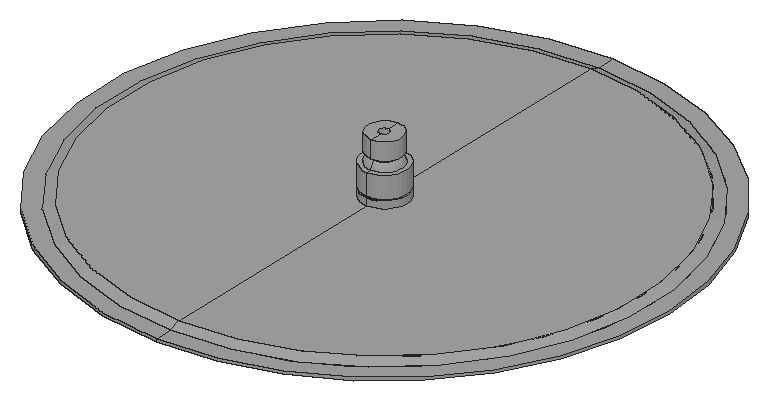
Revit family "BRG-GRF-DCH_ Briggs Reg. Red. Slim Inox Cr 40 cm", category Aparatos sanitarios, Revit 2020
Family settings
  Cota de conector redondo = Diámetro de uso
  Tipo de pieza = Normal
  Número OmniClass = 23.45.00.00
  Título OmniClass = Sanitary, Laundry, and Cleaning Equipment
  Se basa en plano de trabajo = No
  Siempre vertical = Sí
  Corte con vacíos al cargar = No
  Compartido = Sí
  Punto de cálculo de habitación = Sí
Parameters (values of type "REGADERA REDONDA SLIM 40 CM")
  _EDESA_ Sku/código = "SG0080033061CW"
  _EDESA_ Materiales = "Latón"
  _EDESA_ Garantía = "De por vida para el cuerpo principal y acabado en cromo (306)"
  _EDESA_ Cumple normativa ADA = ""
  _EDESA_ Contacto comercial = "(02) 395 2900"
  _EDESA_ Conexión hidráulica = "Entrada de agua: tubería ø 1/2\""
  _EDESA_ Certificación = "Cumple con norma NTE - INEN 3123 basada en la norma ASME 112.18.1 - 2012."
  _EDESA_ Productos necesarios para instalación = "Brazo de ducha"
  _EDESA_ Productos incluídos = ""
  _EDESA_ Color = "cromo"
  _EDESA_ Descripción = "Regadera de ducha"
  _EDESA_ Peso en kg = "1.8 kg"
  _EDESA_ Consumo/capacidad de agua en L = "9.5 litros por minuto / 2.5 gpm"
  _EDESA_ Distancia de instalación en cm (muro terminado) = "0"
  _EDESA_ Tipo de instalación = "Con brazo de ducha"
  _EDESA_ Profundidad en cm = "ø 40"
  _EDESA_ Categoría = "Productos > Grifería > Ducha"
  _EDESA_ BIM Manager = "Arq. Milton Ruano"
  _EDESA_ Autor BIM = "www.bimplus.com.ec (bimplus.arquitectura.integrada@gmail.com)"
  _EDESA_ Ancho en cm = ""
  _EDESA_ Alto en cm = "5.4"
  _EDESA_ Manual de Instalación = "https://www.briggs.com.ec/productos/instructivos/Briggs/Griferia/Regaderas_slim.pdf"
  _EDESA_ Nombre = "REGADERA REDONDA SLIM 40 CM"
  _ALT_Eje instalación = 0.60 m
  _ALT_Basamento = 0.85 m
  URL = "https://www.briggs.com.ec/productos/fichastecnicaspdf/Briggs/Griferia/Regadera_redonda_slim_40.pdf"
  Modelo = "REGADERA REDONDA SLIM 40 CM"
  Imagen de tipo = <Ninguno>
  Fabricante = "BRIGGS Ecuador"
  Elevación por defecto = 0.00 m
  Conexión de ventilación = yes
  Conexión de residuos = yes
  Conexión AF = yes
  Conexión AC = yes
Reference planes (m)
  plane 1 "Centro (Frontal/Posterior)": y = 0
  plane 2: z = 0
  plane 3 "Centro (Izquierda/Derecha)": x = 0
Dimensions and locks (m)
  aligned and locked: level to plane 2
  aligned and locked: plane 3 "Centro (Izquierda/Derecha)" to nested 1
  aligned and locked: plane 1 "Centro (Frontal/Posterior)" to nested 1
Nested families (m)
  nested 1: "REJILLA" at (0, 0, 0), type "REJILLA"
Connectors (m)
  piping at (0, 0, 0), diameter 0.0127
    settings: on nested 1, index 1, connector inside diameter 609.6 mm, connector length 0.00 m, flow factor 0, pipe flow 0.0 L/s, pressure drop 0.0 Pa, fitting loss kfactor 0, connector angle 0.00°, fixture units 0, engagement length 0.00 m, angle of deflection 0.00°, flow configuration 0, flow direction 1, fitting loss method 0, system type 7, joint type 0, gender type 0, connector reference index -1, connector utility 0, adjustable connector no, is connector primary yes, connector description ""
Definition of nested family "REJILLA"
  Parameters (values of type "REJILLA")
    _EDESA_tipo genérico = "Inodoro"
    _EDESA_URL de ficha técnica = "https://edesa.com.ec/productos/fichastecnicaspdf/Edesa/Sanitarios/Andes.pdf"
    _EDESA_Imagen = 0
    _EDESA_Fábrica nacional = "EDESA Ecuador"
    _EDESA_Código de producto = "JS0022641301CE"
    _EDESA_ Tolerancia dimensional = "± 3% > 20 cm ± 5% < 20 cm"
    _EDESA_ Tipo de montaje / instalación = "30.5 cm"
    _EDESA_ Superficie del agua = "15.5 cm x 18.8 cm"
    _EDESA_ SKU = "JS0022641301CE"
    _EDESA_ Material secundario = "Plástico blanco"
    _EDESA_ Material principal = "Porcelana tono verde mist"
    _EDESA_ Altura = 72.80 m
    _EDESA_ Peso = "23.20 Kg"
    _EDESA_ Nivel mínimo del agua del tanque = "17.5 cm"
    _EDESA_ Largo = 67.50 m
    _EDESA_ Espesor mínimo = "0.6 cm"
    _EDESA_ Diámetro trampa = "4.8 cm"
    _EDESA_ Color = "Blanco"
    _EDESA_ Categoria = "Two pieces"
    _EDESA_ Capacidad / consumo de agua = "4.8 litros"
    _EDESA_ Ancho = 36.50 m
    _EDESA_ Altura de sello = "N/A"
    _ALT_Toma = 0.60 m
    _ALT_Meson = 0.85 m
    URL = "https://edesa.com.ec/productos/fichastecnicaspdf/Edesa/Sanitarios/Andes.pdf"
    Model = "_Edesa_ INODORO ANDES C/A BLANCO"
    Type Image = element 408376
    Manufacturer = "EDESA Ecuador"
    Default Elevation = 0.00 m
    Vent Connection = no
    Waste Connection = no
    CW Connection = no
    HW Connection = no
  Reference planes (m)
    plane 1 "Centro (Frontal/Posterior)": y = 0
    plane 2: z = 0
    plane 3 "Centro (Izquierda/Derecha)": x = 0
    plane 4 "_Alt_Altura de Meson": z = 0.85
    plane 5 "Centro I/E": z = 0.946565
    plane 6 "_RP_Eje": z = 0.6
  Forms (m)
    Revolve 1, solid
      sketch origin (0, 0, 0) x (0, 1, 0) y (0, 0, 1)
        loop
          line (0, -0.0445) -> (0.2, -0.0445) -> (0.2, -0.0425) -> (0.188, -0.0425) -> (0.1805, -0.04) -> (0.0155, -0.04) -> (0.0155, -0.035) -> (0.014314, -0.035) -> (0.014314, -0.034) -> (0.0155, -0.034) -> (0.0155, -0.019) -> (0.012, -0.019)
          arc (0.012, -0.019) -> (0.010905, -0.016389) -> (0.00925, -0.014092) r 0.0125
          line (0.00925, -0.014092) -> (0.00925, -0.012) -> (0.01175, -0.012) -> (0.01175, 0) -> (0.0035, 0) -> (0.0035, -0.005) -> (0, -0.005) -> (0, -0.0445)
        axis (0, -0.0445) -> (0, 0)
      angle from 0 to 360
    SweptBlend 2, solid
      path origin (-0.034028, 0.021274, 0) x (-0.309017, -0.951057, 0) y (0, 0, 1)
        loop
          line (-0.110116, -0.047486) -> (-0.110116, -0.0445)
      profile origin (0, 0.126, -0.047486) x (0.309017, 0.951057, 0) y (-0.951057, 0.309017, 0)
        loop
          circle (0, 0) r 0.0015
      end profile origin (0, 0.126, -0.0445) x (0.309017, 0.951057, 0) y (-0.951057, 0.309017, 0)
        loop
          circle (0, 0) r 0.0025
    SweptBlend 3, solid
      path origin (-0.037205, 0.015042, 0) x (-0.139173, -0.990268, 0) y (0, 0, 1)
        loop
          line (-0.110116, -0.047486) -> (-0.110116, -0.0445)
      profile origin (-0.02188, 0.124086, -0.047486) x (0.139173, 0.990268, 0) y (-0.990268, 0.139173, 0)
        loop
          circle (0, 0) r 0.0015
      end profile origin (-0.02188, 0.124086, -0.0445) x (0.139173, 0.990268, 0) y (-0.990268, 0.139173, 0)
        loop
          circle (0, 0) r 0.0025
    SweptBlend 4, solid
      path origin (-0.029816, 0.02686, 0) x (-0.469472, -0.882948, 0) y (0, 0, 1)
        loop
          line (-0.110116, -0.047486) -> (-0.110116, -0.0445)
      profile origin (0.02188, 0.124086, -0.047486) x (0.469472, 0.882948, 0) y (-0.882948, 0.469472, 0)
        loop
          circle (0, 0) r 0.0015
      end profile origin (0.02188, 0.124086, -0.0445) x (0.469472, 0.882948, 0) y (-0.882948, 0.469472, 0)
        loop
          circle (0, 0) r 0.0025
    SweptBlend 5, solid
      path origin (-0.024699, 0.031629, 0) x (-0.615661, -0.788011, 0) y (0, 0, 1)
        loop
          line (-0.110116, -0.047486) -> (-0.110116, -0.0445)
      profile origin (0.043095, 0.118401, -0.047486) x (0.615661, 0.788011, 0) y (-0.788011, 0.615661, 0)
        loop
          circle (0, 0) r 0.0015
      end profile origin (0.043095, 0.118401, -0.0445) x (0.615661, 0.788011, 0) y (-0.788011, 0.615661, 0)
        loop
          circle (0, 0) r 0.0025
    SweptBlend 6, solid
      path origin (-0.018832, 0.035438, 0) x (-0.743145, -0.669131, 0) y (0, 0, 1)
        loop
          line (-0.110116, -0.047486) -> (-0.110116, -0.0445)
      profile origin (0.063, 0.109119, -0.047486) x (0.743145, 0.669131, 0) y (-0.669131, 0.743145, 0)
        loop
          circle (0, 0) r 0.0015
      end profile origin (0.063, 0.109119, -0.0445) x (0.743145, 0.669131, 0) y (-0.669131, 0.743145, 0)
        loop
          circle (0, 0) r 0.0025
    SweptBlend 7, solid
      path origin (-0.012392, 0.038169, 0) x (-0.848048, -0.529919, 0) y (0, 0, 1)
        loop
          line (-0.110116, -0.047486) -> (-0.110116, -0.0445)
      profile origin (0.080991, 0.096522, -0.047486) x (0.848048, 0.529919, 0) y (-0.529919, 0.848048, 0)
        loop
          circle (0, 0) r 0.0015
      end profile origin (0.080991, 0.096522, -0.0445) x (0.848048, 0.529919, 0) y (-0.529919, 0.848048, 0)
        loop
          circle (0, 0) r 0.0025
    SweptBlend 8, solid
      path origin (-0.005576, 0.039741, 0) x (-0.927184, -0.374607, 0) y (0, 0, 1)
        loop
          line (-0.110116, -0.047486) -> (-0.110116, -0.0445)
      profile origin (0.096522, 0.080991, -0.047486) x (0.927184, 0.374607, 0) y (-0.374607, 0.927184, 0)
        loop
          circle (0, 0) r 0.0015
      end profile origin (0.096522, 0.080991, -0.0445) x (0.927184, 0.374607, 0) y (-0.374607, 0.927184, 0)
        loop
          circle (0, 0) r 0.0025
    SweptBlend 9, solid
      path origin (0.00141, 0.040106, 0) x (-0.978148, -0.207912, 0) y (0, 0, 1)
        loop
          line (-0.110116, -0.047486) -> (-0.110116, -0.0445)
      profile origin (0.109119, 0.063, -0.047486) x (0.978148, 0.207912, 0) y (-0.207912, 0.978148, 0)
        loop
          circle (0, 0) r 0.0015
      end profile origin (0.109119, 0.063, -0.0445) x (0.978148, 0.207912, 0) y (-0.207912, 0.978148, 0)
        loop
          circle (0, 0) r 0.0025
    SweptBlend 10, solid
      path origin (0.008353, 0.039252, 0) x (-0.999391, -0.034899, 0) y (0, 0, 1)
        loop
          line (-0.110116, -0.047486) -> (-0.110116, -0.0445)
      profile origin (0.118401, 0.043095, -0.047486) x (0.999391, 0.034899, 0) y (-0.034899, 0.999391, 0)
        loop
          circle (0, 0) r 0.0015
      end profile origin (0.118401, 0.043095, -0.0445) x (0.999391, 0.034899, 0) y (-0.034899, 0.999391, 0)
        loop
          circle (0, 0) r 0.0025
    SweptBlend 11, solid
      path origin (0.015042, 0.037205, 0) x (-0.990268, 0.139173, 0) y (0, 0, 1)
        loop
          line (-0.110116, -0.047486) -> (-0.110116, -0.0445)
      profile origin (0.124086, 0.02188, -0.047486) x (0.990268, -0.139173, 0) y (0.139173, 0.990268, 0)
        loop
          circle (0, 0) r 0.0015
      end profile origin (0.124086, 0.02188, -0.0445) x (0.990268, -0.139173, 0) y (0.139173, 0.990268, 0)
        loop
          circle (0, 0) r 0.0025
    SweptBlend 12, solid
      path origin (0.021274, 0.034028, 0) x (-0.951057, 0.309017, 0) y (0, 0, 1)
        loop
          line (-0.110116, -0.047486) -> (-0.110116, -0.0445)
      profile origin (0.126, 0, -0.047486) x (0.951057, -0.309017, 0) y (0.309017, 0.951057, 0)
        loop
          circle (0, 0) r 0.0015
      end profile origin (0.126, 0, -0.0445) x (0.951057, -0.309017, 0) y (0.309017, 0.951057, 0)
        loop
          circle (0, 0) r 0.0025
    SweptBlend 13, solid
      path origin (0.02686, 0.029816, 0) x (-0.882948, 0.469472, 0) y (0, 0, 1)
        loop
          line (-0.110116, -0.047486) -> (-0.110116, -0.0445)
      profile origin (0.124086, -0.02188, -0.047486) x (0.882948, -0.469472, 0) y (0.469472, 0.882948, 0)
        loop
          circle (0, 0) r 0.0015
      end profile origin (0.124086, -0.02188, -0.0445) x (0.882948, -0.469472, 0) y (0.469472, 0.882948, 0)
        loop
          circle (0, 0) r 0.0025
    SweptBlend 14, solid
      path origin (0.031629, 0.024699, 0) x (-0.788011, 0.615661, 0) y (0, 0, 1)
        loop
          line (-0.110116, -0.047486) -> (-0.110116, -0.0445)
      profile origin (0.118401, -0.043095, -0.047486) x (0.788011, -0.615661, 0) y (0.615661, 0.788011, 0)
        loop
          circle (0, 0) r 0.0015
      end profile origin (0.118401, -0.043095, -0.0445) x (0.788011, -0.615661, 0) y (0.615661, 0.788011, 0)
        loop
          circle (0, 0) r 0.0025
    SweptBlend 15, solid
      path origin (0.035438, 0.018832, 0) x (-0.669131, 0.743145, 0) y (0, 0, 1)
        loop
          line (-0.110116, -0.047486) -> (-0.110116, -0.0445)
      profile origin (0.109119, -0.063, -0.047486) x (0.669131, -0.743145, 0) y (0.743145, 0.669131, 0)
        loop
          circle (0, 0) r 0.0015
      end profile origin (0.109119, -0.063, -0.0445) x (0.669131, -0.743145, 0) y (0.743145, 0.669131, 0)
        loop
          circle (0, 0) r 0.0025
    SweptBlend 16, solid
      path origin (0.038169, 0.012392, 0) x (-0.529919, 0.848048, 0) y (0, 0, 1)
        loop
          line (-0.110116, -0.047486) -> (-0.110116, -0.0445)
      profile origin (0.096522, -0.080991, -0.047486) x (0.529919, -0.848048, 0) y (0.848048, 0.529919, 0)
        loop
          circle (0, 0) r 0.0015
      end profile origin (0.096522, -0.080991, -0.0445) x (0.529919, -0.848048, 0) y (0.848048, 0.529919, 0)
        loop
          circle (0, 0) r 0.0025
    SweptBlend 17, solid
      path origin (0.039741, 0.005576, 0) x (-0.374607, 0.927184, 0) y (0, 0, 1)
        loop
          line (-0.110116, -0.047486) -> (-0.110116, -0.0445)
      profile origin (0.080991, -0.096522, -0.047486) x (0.374607, -0.927184, 0) y (0.927184, 0.374607, 0)
        loop
          circle (0, 0) r 0.0015
      end profile origin (0.080991, -0.096522, -0.0445) x (0.374607, -0.927184, 0) y (0.927184, 0.374607, 0)
        loop
          circle (0, 0) r 0.0025
    SweptBlend 18, solid
      path origin (0.040106, -0.00141, 0) x (-0.207912, 0.978148, 0) y (0, 0, 1)
        loop
          line (-0.110116, -0.047486) -> (-0.110116, -0.0445)
      profile origin (0.063, -0.109119, -0.047486) x (0.207912, -0.978148, 0) y (0.978148, 0.207912, 0)
        loop
          circle (0, 0) r 0.0015
      end profile origin (0.063, -0.109119, -0.0445) x (0.207912, -0.978148, 0) y (0.978148, 0.207912, 0)
        loop
          circle (0, 0) r 0.0025
    SweptBlend 19, solid
      path origin (0.039252, -0.008353, 0) x (-0.034899, 0.999391, 0) y (0, 0, 1)
        loop
          line (-0.110116, -0.047486) -> (-0.110116, -0.0445)
      profile origin (0.043095, -0.118401, -0.047486) x (0.034899, -0.999391, 0) y (0.999391, 0.034899, 0)
        loop
          circle (0, 0) r 0.0015
      end profile origin (0.043095, -0.118401, -0.0445) x (0.034899, -0.999391, 0) y (0.999391, 0.034899, 0)
        loop
          circle (0, 0) r 0.0025
    SweptBlend 20, solid
      path origin (0.037205, -0.015042, 0) x (0.139173, 0.990268, 0) y (0, 0, 1)
        loop
          line (-0.110116, -0.047486) -> (-0.110116, -0.0445)
      profile origin (0.02188, -0.124086, -0.047486) x (-0.139173, -0.990268, 0) y (0.990268, -0.139173, 0)
        loop
          circle (0, 0) r 0.0015
      end profile origin (0.02188, -0.124086, -0.0445) x (-0.139173, -0.990268, 0) y (0.990268, -0.139173, 0)
        loop
          circle (0, 0) r 0.0025
    SweptBlend 21, solid
      path origin (0.034028, -0.021274, 0) x (0.309017, 0.951057, 0) y (0, 0, 1)
        loop
          line (-0.110116, -0.047486) -> (-0.110116, -0.0445)
      profile origin (0, -0.126, -0.047486) x (-0.309017, -0.951057, 0) y (0.951057, -0.309017, 0)
        loop
          circle (0, 0) r 0.0015
      end profile origin (0, -0.126, -0.0445) x (-0.309017, -0.951057, 0) y (0.951057, -0.309017, 0)
        loop
          circle (0, 0) r 0.0025
    SweptBlend 22, solid
      path origin (0.029816, -0.02686, 0) x (0.469472, 0.882948, 0) y (0, 0, 1)
        loop
          line (-0.110116, -0.047486) -> (-0.110116, -0.0445)
      profile origin (-0.02188, -0.124086, -0.047486) x (-0.469472, -0.882948, 0) y (0.882948, -0.469472, 0)
        loop
          circle (0, 0) r 0.0015
      end profile origin (-0.02188, -0.124086, -0.0445) x (-0.469472, -0.882948, 0) y (0.882948, -0.469472, 0)
        loop
          circle (0, 0) r 0.0025
    SweptBlend 23, solid
      path origin (0.024699, -0.031629, 0) x (0.615661, 0.788011, 0) y (0, 0, 1)
        loop
          line (-0.110116, -0.047486) -> (-0.110116, -0.0445)
      profile origin (-0.043095, -0.118401, -0.047486) x (-0.615661, -0.788011, 0) y (0.788011, -0.615661, 0)
        loop
          circle (0, 0) r 0.0015
      end profile origin (-0.043095, -0.118401, -0.0445) x (-0.615661, -0.788011, 0) y (0.788011, -0.615661, 0)
        loop
          circle (0, 0) r 0.0025
    SweptBlend 24, solid
      path origin (0.018832, -0.035438, 0) x (0.743145, 0.669131, 0) y (0, 0, 1)
        loop
          line (-0.110116, -0.047486) -> (-0.110116, -0.0445)
      profile origin (-0.063, -0.109119, -0.047486) x (-0.743145, -0.669131, 0) y (0.669131, -0.743145, 0)
        loop
          circle (0, 0) r 0.0015
      end profile origin (-0.063, -0.109119, -0.0445) x (-0.743145, -0.669131, 0) y (0.669131, -0.743145, 0)
        loop
          circle (0, 0) r 0.0025
    SweptBlend 25, solid
      path origin (0.012392, -0.038169, 0) x (0.848048, 0.529919, 0) y (0, 0, 1)
        loop
          line (-0.110116, -0.047486) -> (-0.110116, -0.0445)
      profile origin (-0.080991, -0.096522, -0.047486) x (-0.848048, -0.529919, 0) y (0.529919, -0.848048, 0)
        loop
          circle (0, 0) r 0.0015
      end profile origin (-0.080991, -0.096522, -0.0445) x (-0.848048, -0.529919, 0) y (0.529919, -0.848048, 0)
        loop
          circle (0, 0) r 0.0025
    SweptBlend 26, solid
      path origin (0.005576, -0.039741, 0) x (0.927184, 0.374607, 0) y (0, 0, 1)
        loop
          line (-0.110116, -0.047486) -> (-0.110116, -0.0445)
      profile origin (-0.096522, -0.080991, -0.047486) x (-0.927184, -0.374607, 0) y (0.374607, -0.927184, 0)
        loop
          circle (0, 0) r 0.0015
      end profile origin (-0.096522, -0.080991, -0.0445) x (-0.927184, -0.374607, 0) y (0.374607, -0.927184, 0)
        loop
          circle (0, 0) r 0.0025
    SweptBlend 27, solid
      path origin (-0.00141, -0.040106, 0) x (0.978148, 0.207912, 0) y (0, 0, 1)
        loop
          line (-0.110116, -0.047486) -> (-0.110116, -0.0445)
      profile origin (-0.109119, -0.063, -0.047486) x (-0.978148, -0.207912, 0) y (0.207912, -0.978148, 0)
        loop
          circle (0, 0) r 0.0015
      end profile origin (-0.109119, -0.063, -0.0445) x (-0.978148, -0.207912, 0) y (0.207912, -0.978148, 0)
        loop
          circle (0, 0) r 0.0025
    SweptBlend 28, solid
      path origin (-0.008353, -0.039252, 0) x (0.999391, 0.034899, 0) y (0, 0, 1)
        loop
          line (-0.110116, -0.047486) -> (-0.110116, -0.0445)
      profile origin (-0.118401, -0.043095, -0.047486) x (-0.999391, -0.034899, 0) y (0.034899, -0.999391, 0)
        loop
          circle (0, 0) r 0.0015
      end profile origin (-0.118401, -0.043095, -0.0445) x (-0.999391, -0.034899, 0) y (0.034899, -0.999391, 0)
        loop
          circle (0, 0) r 0.0025
    SweptBlend 29, solid
      path origin (-0.015042, -0.037205, 0) x (0.990268, -0.139173, 0) y (0, 0, 1)
        loop
          line (-0.110116, -0.047486) -> (-0.110116, -0.0445)
      profile origin (-0.124086, -0.02188, -0.047486) x (-0.990268, 0.139173, 0) y (-0.139173, -0.990268, 0)
        loop
          circle (0, 0) r 0.0015
      end profile origin (-0.124086, -0.02188, -0.0445) x (-0.990268, 0.139173, 0) y (-0.139173, -0.990268, 0)
        loop
          circle (0, 0) r 0.0025
    SweptBlend 30, solid
      path origin (-0.021274, -0.034028, 0) x (0.951057, -0.309017, 0) y (0, 0, 1)
        loop
          line (-0.110116, -0.047486) -> (-0.110116, -0.0445)
      profile origin (-0.126, 0, -0.047486) x (-0.951057, 0.309017, 0) y (-0.309017, -0.951057, 0)
        loop
          circle (0, 0) r 0.0015
      end profile origin (-0.126, 0, -0.0445) x (-0.951057, 0.309017, 0) y (-0.309017, -0.951057, 0)
        loop
          circle (0, 0) r 0.0025
    SweptBlend 31, solid
      path origin (-0.02686, -0.029816, 0) x (0.882948, -0.469472, 0) y (0, 0, 1)
        loop
          line (-0.110116, -0.047486) -> (-0.110116, -0.0445)
      profile origin (-0.124086, 0.02188, -0.047486) x (-0.882948, 0.469472, 0) y (-0.469472, -0.882948, 0)
        loop
          circle (0, 0) r 0.0015
      end profile origin (-0.124086, 0.02188, -0.0445) x (-0.882948, 0.469472, 0) y (-0.469472, -0.882948, 0)
        loop
          circle (0, 0) r 0.0025
    SweptBlend 32, solid
      path origin (-0.031629, -0.024699, 0) x (0.788011, -0.615661, 0) y (0, 0, 1)
        loop
          line (-0.110116, -0.047486) -> (-0.110116, -0.0445)
      profile origin (-0.118401, 0.043095, -0.047486) x (-0.788011, 0.615661, 0) y (-0.615661, -0.788011, 0)
        loop
          circle (0, 0) r 0.0015
      end profile origin (-0.118401, 0.043095, -0.0445) x (-0.788011, 0.615661, 0) y (-0.615661, -0.788011, 0)
        loop
          circle (0, 0) r 0.0025
    SweptBlend 33, solid
      path origin (-0.035438, -0.018832, 0) x (0.669131, -0.743145, 0) y (0, 0, 1)
        loop
          line (-0.110116, -0.047486) -> (-0.110116, -0.0445)
      profile origin (-0.109119, 0.063, -0.047486) x (-0.669131, 0.743145, 0) y (-0.743145, -0.669131, 0)
        loop
          circle (0, 0) r 0.0015
      end profile origin (-0.109119, 0.063, -0.0445) x (-0.669131, 0.743145, 0) y (-0.743145, -0.669131, 0)
        loop
          circle (0, 0) r 0.0025
    SweptBlend 34, solid
      path origin (-0.038169, -0.012392, 0) x (0.529919, -0.848048, 0) y (0, 0, 1)
        loop
          line (-0.110116, -0.047486) -> (-0.110116, -0.0445)
      profile origin (-0.096522, 0.080991, -0.047486) x (-0.529919, 0.848048, 0) y (-0.848048, -0.529919, 0)
        loop
          circle (0, 0) r 0.0015
      end profile origin (-0.096522, 0.080991, -0.0445) x (-0.529919, 0.848048, 0) y (-0.848048, -0.529919, 0)
        loop
          circle (0, 0) r 0.0025
    SweptBlend 35, solid
      path origin (-0.039741, -0.005576, 0) x (0.374607, -0.927184, 0) y (0, 0, 1)
        loop
          line (-0.110116, -0.047486) -> (-0.110116, -0.0445)
      profile origin (-0.080991, 0.096522, -0.047486) x (-0.374607, 0.927184, 0) y (-0.927184, -0.374607, 0)
        loop
          circle (0, 0) r 0.0015
      end profile origin (-0.080991, 0.096522, -0.0445) x (-0.374607, 0.927184, 0) y (-0.927184, -0.374607, 0)
        loop
          circle (0, 0) r 0.0025
    SweptBlend 36, solid
      path origin (-0.040106, 0.00141, 0) x (0.207912, -0.978148, 0) y (0, 0, 1)
        loop
          line (-0.110116, -0.047486) -> (-0.110116, -0.0445)
      profile origin (-0.063, 0.109119, -0.047486) x (-0.207912, 0.978148, 0) y (-0.978148, -0.207912, 0)
        loop
          circle (0, 0) r 0.0015
      end profile origin (-0.063, 0.109119, -0.0445) x (-0.207912, 0.978148, 0) y (-0.978148, -0.207912, 0)
        loop
          circle (0, 0) r 0.0025
    SweptBlend 37, solid
      path origin (-0.039252, 0.008353, 0) x (0.034899, -0.999391, 0) y (0, 0, 1)
        loop
          line (-0.110116, -0.047486) -> (-0.110116, -0.0445)
      profile origin (-0.043095, 0.118401, -0.047486) x (-0.034899, 0.999391, 0) y (-0.999391, -0.034899, 0)
        loop
          circle (0, 0) r 0.0015
      end profile origin (-0.043095, 0.118401, -0.0445) x (-0.034899, 0.999391, 0) y (-0.999391, -0.034899, 0)
        loop
          circle (0, 0) r 0.0025
    SweptBlend 38, solid
      path origin (-0.034028, -0.019726, 0) x (-0.309017, -0.951057, 0) y (0, 0, 1)
        loop
          line (-0.110116, -0.047486) -> (-0.110116, -0.0445)
      profile origin (0, 0.085, -0.047486) x (0.309017, 0.951057, 0) y (-0.951057, 0.309017, 0)
        loop
          circle (0, 0) r 0.0015
      end profile origin (0, 0.085, -0.0445) x (0.309017, 0.951057, 0) y (-0.951057, 0.309017, 0)
        loop
          circle (0, 0) r 0.0025
    SweptBlend 39, solid
      path origin (-0.034028, -0.061726, 0) x (-0.309017, -0.951057, 0) y (0, 0, 1)
        loop
          line (-0.110116, -0.047486) -> (-0.110116, -0.0445)
      profile origin (0, 0.043, -0.047486) x (0.309017, 0.951057, 0) y (-0.951057, 0.309017, 0)
        loop
          circle (0, 0) r 0.0015
      end profile origin (0, 0.043, -0.0445) x (0.309017, 0.951057, 0) y (-0.951057, 0.309017, 0)
        loop
          circle (0, 0) r 0.0025
    SweptBlend 40, solid
      path origin (-0.027763, -0.027861, 0) x (-0.052336, -0.99863, 0) y (0, 0, 1)
        loop
          line (-0.110116, -0.047486) -> (-0.110116, -0.0445)
      profile origin (-0.022, 0.082104, -0.047486) x (0.052336, 0.99863, 0) y (-0.99863, 0.052336, 0)
        loop
          circle (0, 0) r 0.0015
      end profile origin (-0.022, 0.082104, -0.0445) x (0.052336, 0.99863, 0) y (-0.99863, 0.052336, 0)
        loop
          circle (0, 0) r 0.0025
    SweptBlend 41, solid
      path origin (-0.037974, -0.010247, 0) x (-0.544639, -0.838671, 0) y (0, 0, 1)
        loop
          line (-0.110116, -0.047486) -> (-0.110116, -0.0445)
      profile origin (0.022, 0.082104, -0.047486) x (0.544639, 0.838671, 0) y (-0.838671, 0.544639, 0)
        loop
          circle (0, 0) r 0.0015
      end profile origin (0.022, 0.082104, -0.0445) x (0.544639, 0.838671, 0) y (-0.838671, 0.544639, 0)
        loop
          circle (0, 0) r 0.0025
    SweptBlend 42, solid
      path origin (-0.039332, -0.00007, 0) x (-0.743145, -0.669131, 0) y (0, 0, 1)
        loop
          line (-0.110116, -0.047486) -> (-0.110116, -0.0445)
      profile origin (0.0425, 0.073612, -0.047486) x (0.743145, 0.669131, 0) y (-0.669131, 0.743145, 0)
        loop
          circle (0, 0) r 0.0015
      end profile origin (0.0425, 0.073612, -0.0445) x (0.743145, 0.669131, 0) y (-0.669131, 0.743145, 0)
        loop
          circle (0, 0) r 0.0025
    SweptBlend 43, solid
      path origin (-0.03801, 0.010113, 0) x (-0.891007, -0.45399, 0) y (0, 0, 1)
        loop
          line (-0.110116, -0.047486) -> (-0.110116, -0.0445)
      profile origin (0.060104, 0.060104, -0.047486) x (0.891007, 0.45399, 0) y (-0.45399, 0.891007, 0)
        loop
          circle (0, 0) r 0.0015
      end profile origin (0.060104, 0.060104, -0.0445) x (0.891007, 0.45399, 0) y (-0.45399, 0.891007, 0)
        loop
          circle (0, 0) r 0.0025
    SweptBlend 44, solid
      path origin (-0.034097, 0.019606, 0) x (-0.978148, -0.207912, 0) y (0, 0, 1)
        loop
          line (-0.110116, -0.047486) -> (-0.110116, -0.0445)
      profile origin (0.073612, 0.0425, -0.047486) x (0.978148, 0.207912, 0) y (-0.207912, 0.978148, 0)
        loop
          circle (0, 0) r 0.0015
      end profile origin (0.073612, 0.0425, -0.0445) x (0.978148, 0.207912, 0) y (-0.207912, 0.978148, 0)
        loop
          circle (0, 0) r 0.0025
    SweptBlend 45, solid
      path origin (-0.027861, 0.027763, 0) x (-0.99863, 0.052336, 0) y (0, 0, 1)
        loop
          line (-0.110116, -0.047486) -> (-0.110116, -0.0445)
      profile origin (0.082104, 0.022, -0.047486) x (0.99863, -0.052336, 0) y (0.052336, 0.99863, 0)
        loop
          circle (0, 0) r 0.0015
      end profile origin (0.082104, 0.022, -0.0445) x (0.99863, -0.052336, 0) y (0.052336, 0.99863, 0)
        loop
          circle (0, 0) r 0.0025
    SweptBlend 46, solid
      path origin (-0.019726, 0.034028, 0) x (-0.951057, 0.309017, 0) y (0, 0, 1)
        loop
          line (-0.110116, -0.047486) -> (-0.110116, -0.0445)
      profile origin (0.085, 0, -0.047486) x (0.951057, -0.309017, 0) y (0.309017, 0.951057, 0)
        loop
          circle (0, 0) r 0.0015
      end profile origin (0.085, 0, -0.0445) x (0.951057, -0.309017, 0) y (0.309017, 0.951057, 0)
        loop
          circle (0, 0) r 0.0025
    SweptBlend 47, solid
      path origin (-0.010247, 0.037974, 0) x (-0.838671, 0.544639, 0) y (0, 0, 1)
        loop
          line (-0.110116, -0.047486) -> (-0.110116, -0.0445)
      profile origin (0.082104, -0.022, -0.047486) x (0.838671, -0.544639, 0) y (0.544639, 0.838671, 0)
        loop
          circle (0, 0) r 0.0015
      end profile origin (0.082104, -0.022, -0.0445) x (0.838671, -0.544639, 0) y (0.544639, 0.838671, 0)
        loop
          circle (0, 0) r 0.0025
    SweptBlend 48, solid
      path origin (-0.00007, 0.039332, 0) x (-0.669131, 0.743145, 0) y (0, 0, 1)
        loop
          line (-0.110116, -0.047486) -> (-0.110116, -0.0445)
      profile origin (0.073612, -0.0425, -0.047486) x (0.669131, -0.743145, 0) y (0.743145, 0.669131, 0)
        loop
          circle (0, 0) r 0.0015
      end profile origin (0.073612, -0.0425, -0.0445) x (0.669131, -0.743145, 0) y (0.743145, 0.669131, 0)
        loop
          circle (0, 0) r 0.0025
    SweptBlend 49, solid
      path origin (0.010113, 0.03801, 0) x (-0.45399, 0.891007, 0) y (0, 0, 1)
        loop
          line (-0.110116, -0.047486) -> (-0.110116, -0.0445)
      profile origin (0.060104, -0.060104, -0.047486) x (0.45399, -0.891007, 0) y (0.891007, 0.45399, 0)
        loop
          circle (0, 0) r 0.0015
      end profile origin (0.060104, -0.060104, -0.0445) x (0.45399, -0.891007, 0) y (0.891007, 0.45399, 0)
        loop
          circle (0, 0) r 0.0025
    SweptBlend 50, solid
      path origin (0.019606, 0.034097, 0) x (-0.207912, 0.978148, 0) y (0, 0, 1)
        loop
          line (-0.110116, -0.047486) -> (-0.110116, -0.0445)
      profile origin (0.0425, -0.073612, -0.047486) x (0.207912, -0.978148, 0) y (0.978148, 0.207912, 0)
        loop
          circle (0, 0) r 0.0015
      end profile origin (0.0425, -0.073612, -0.0445) x (0.207912, -0.978148, 0) y (0.978148, 0.207912, 0)
        loop
          circle (0, 0) r 0.0025
    SweptBlend 51, solid
      path origin (0.027763, 0.027861, 0) x (0.052336, 0.99863, 0) y (0, 0, 1)
        loop
          line (-0.110116, -0.047486) -> (-0.110116, -0.0445)
      profile origin (0.022, -0.082104, -0.047486) x (-0.052336, -0.99863, 0) y (0.99863, -0.052336, 0)
        loop
          circle (0, 0) r 0.0015
      end profile origin (0.022, -0.082104, -0.0445) x (-0.052336, -0.99863, 0) y (0.99863, -0.052336, 0)
        loop
          circle (0, 0) r 0.0025
    SweptBlend 52, solid
      path origin (0.034028, 0.019726, 0) x (0.309017, 0.951057, 0) y (0, 0, 1)
        loop
          line (-0.110116, -0.047486) -> (-0.110116, -0.0445)
      profile origin (0, -0.085, -0.047486) x (-0.309017, -0.951057, 0) y (0.951057, -0.309017, 0)
        loop
          circle (0, 0) r 0.0015
      end profile origin (0, -0.085, -0.0445) x (-0.309017, -0.951057, 0) y (0.951057, -0.309017, 0)
        loop
          circle (0, 0) r 0.0025
    SweptBlend 53, solid
      path origin (0.037974, 0.010247, 0) x (0.544639, 0.838671, 0) y (0, 0, 1)
        loop
          line (-0.110116, -0.047486) -> (-0.110116, -0.0445)
      profile origin (-0.022, -0.082104, -0.047486) x (-0.544639, -0.838671, 0) y (0.838671, -0.544639, 0)
        loop
          circle (0, 0) r 0.0015
      end profile origin (-0.022, -0.082104, -0.0445) x (-0.544639, -0.838671, 0) y (0.838671, -0.544639, 0)
        loop
          circle (0, 0) r 0.0025
    SweptBlend 54, solid
      path origin (0.039332, 0.00007, 0) x (0.743145, 0.669131, 0) y (0, 0, 1)
        loop
          line (-0.110116, -0.047486) -> (-0.110116, -0.0445)
      profile origin (-0.0425, -0.073612, -0.047486) x (-0.743145, -0.669131, 0) y (0.669131, -0.743145, 0)
        loop
          circle (0, 0) r 0.0015
      end profile origin (-0.0425, -0.073612, -0.0445) x (-0.743145, -0.669131, 0) y (0.669131, -0.743145, 0)
        loop
          circle (0, 0) r 0.0025
    SweptBlend 55, solid
      path origin (0.03801, -0.010113, 0) x (0.891007, 0.45399, 0) y (0, 0, 1)
        loop
          line (-0.110116, -0.047486) -> (-0.110116, -0.0445)
      profile origin (-0.060104, -0.060104, -0.047486) x (-0.891007, -0.45399, 0) y (0.45399, -0.891007, 0)
        loop
          circle (0, 0) r 0.0015
      end profile origin (-0.060104, -0.060104, -0.0445) x (-0.891007, -0.45399, 0) y (0.45399, -0.891007, 0)
        loop
          circle (0, 0) r 0.0025
    SweptBlend 56, solid
      path origin (0.034097, -0.019606, 0) x (0.978148, 0.207912, 0) y (0, 0, 1)
        loop
          line (-0.110116, -0.047486) -> (-0.110116, -0.0445)
      profile origin (-0.073612, -0.0425, -0.047486) x (-0.978148, -0.207912, 0) y (0.207912, -0.978148, 0)
        loop
          circle (0, 0) r 0.0015
      end profile origin (-0.073612, -0.0425, -0.0445) x (-0.978148, -0.207912, 0) y (0.207912, -0.978148, 0)
        loop
          circle (0, 0) r 0.0025
    SweptBlend 57, solid
      path origin (0.027861, -0.027763, 0) x (0.99863, -0.052336, 0) y (0, 0, 1)
        loop
          line (-0.110116, -0.047486) -> (-0.110116, -0.0445)
      profile origin (-0.082104, -0.022, -0.047486) x (-0.99863, 0.052336, 0) y (-0.052336, -0.99863, 0)
        loop
          circle (0, 0) r 0.0015
      end profile origin (-0.082104, -0.022, -0.0445) x (-0.99863, 0.052336, 0) y (-0.052336, -0.99863, 0)
        loop
          circle (0, 0) r 0.0025
    SweptBlend 58, solid
      path origin (0.019726, -0.034028, 0) x (0.951057, -0.309017, 0) y (0, 0, 1)
        loop
          line (-0.110116, -0.047486) -> (-0.110116, -0.0445)
      profile origin (-0.085, 0, -0.047486) x (-0.951057, 0.309017, 0) y (-0.309017, -0.951057, 0)
        loop
          circle (0, 0) r 0.0015
      end profile origin (-0.085, 0, -0.0445) x (-0.951057, 0.309017, 0) y (-0.309017, -0.951057, 0)
        loop
          circle (0, 0) r 0.0025
    SweptBlend 59, solid
      path origin (0.010247, -0.037974, 0) x (0.838671, -0.544639, 0) y (0, 0, 1)
        loop
          line (-0.110116, -0.047486) -> (-0.110116, -0.0445)
      profile origin (-0.082104, 0.022, -0.047486) x (-0.838671, 0.544639, 0) y (-0.544639, -0.838671, 0)
        loop
          circle (0, 0) r 0.0015
      end profile origin (-0.082104, 0.022, -0.0445) x (-0.838671, 0.544639, 0) y (-0.544639, -0.838671, 0)
        loop
          circle (0, 0) r 0.0025
    SweptBlend 60, solid
      path origin (0.00007, -0.039332, 0) x (0.669131, -0.743145, 0) y (0, 0, 1)
        loop
          line (-0.110116, -0.047486) -> (-0.110116, -0.0445)
      profile origin (-0.073612, 0.0425, -0.047486) x (-0.669131, 0.743145, 0) y (-0.743145, -0.669131, 0)
        loop
          circle (0, 0) r 0.0015
      end profile origin (-0.073612, 0.0425, -0.0445) x (-0.669131, 0.743145, 0) y (-0.743145, -0.669131, 0)
        loop
          circle (0, 0) r 0.0025
    SweptBlend 61, solid
      path origin (-0.010113, -0.03801, 0) x (0.45399, -0.891007, 0) y (0, 0, 1)
        loop
          line (-0.110116, -0.047486) -> (-0.110116, -0.0445)
      profile origin (-0.060104, 0.060104, -0.047486) x (-0.45399, 0.891007, 0) y (-0.891007, -0.45399, 0)
        loop
          circle (0, 0) r 0.0015
      end profile origin (-0.060104, 0.060104, -0.0445) x (-0.45399, 0.891007, 0) y (-0.891007, -0.45399, 0)
        loop
          circle (0, 0) r 0.0025
    SweptBlend 62, solid
      path origin (-0.019606, -0.034097, 0) x (0.207912, -0.978148, 0) y (0, 0, 1)
        loop
          line (-0.110116, -0.047486) -> (-0.110116, -0.0445)
      profile origin (-0.0425, 0.073612, -0.047486) x (-0.207912, 0.978148, 0) y (-0.978148, -0.207912, 0)
        loop
          circle (0, 0) r 0.0015
      end profile origin (-0.0425, 0.073612, -0.0445) x (-0.207912, 0.978148, 0) y (-0.978148, -0.207912, 0)
        loop
          circle (0, 0) r 0.0025
    SweptBlend 63, solid
      path origin (0.001394, -0.07047, 0) x (0.207912, -0.978148, 0) y (0, 0, 1)
        loop
          line (-0.110116, -0.047486) -> (-0.110116, -0.0445)
      profile origin (-0.0215, 0.037239, -0.047486) x (-0.207912, 0.978148, 0) y (-0.978148, -0.207912, 0)
        loop
          circle (0, 0) r 0.0015
      end profile origin (-0.0215, 0.037239, -0.0445) x (-0.207912, 0.978148, 0) y (-0.978148, -0.207912, 0)
        loop
          circle (0, 0) r 0.0025
    SweptBlend 64, solid
      path origin (-0.060332, -0.036443, 0) x (-0.743145, -0.669131, 0) y (0, 0, 1)
        loop
          line (-0.110116, -0.047486) -> (-0.110116, -0.0445)
      profile origin (0.0215, 0.037239, -0.047486) x (0.743145, 0.669131, 0) y (-0.669131, 0.743145, 0)
        loop
          circle (0, 0) r 0.0015
      end profile origin (0.0215, 0.037239, -0.0445) x (0.743145, 0.669131, 0) y (-0.669131, 0.743145, 0)
        loop
          circle (0, 0) r 0.0025
    SweptBlend 65, solid
      path origin (-0.07047, -0.001394, 0) x (-0.978148, -0.207912, 0) y (0, 0, 1)
        loop
          line (-0.110116, -0.047486) -> (-0.110116, -0.0445)
      profile origin (0.037239, 0.0215, -0.047486) x (0.978148, 0.207912, 0) y (-0.207912, 0.978148, 0)
        loop
          circle (0, 0) r 0.0015
      end profile origin (0.037239, 0.0215, -0.0445) x (0.978148, 0.207912, 0) y (-0.207912, 0.978148, 0)
        loop
          circle (0, 0) r 0.0025
    SweptBlend 66, solid
      path origin (-0.061726, 0.034028, 0) x (-0.951057, 0.309017, 0) y (0, 0, 1)
        loop
          line (-0.110116, -0.047486) -> (-0.110116, -0.0445)
      profile origin (0.043, 0, -0.047486) x (0.951057, -0.309017, 0) y (0.309017, 0.951057, 0)
        loop
          circle (0, 0) r 0.0015
      end profile origin (0.043, 0, -0.0445) x (0.951057, -0.309017, 0) y (0.309017, 0.951057, 0)
        loop
          circle (0, 0) r 0.0025
    SweptBlend 67, solid
      path origin (-0.036443, 0.060332, 0) x (-0.669131, 0.743145, 0) y (0, 0, 1)
        loop
          line (-0.110116, -0.047486) -> (-0.110116, -0.0445)
      profile origin (0.037239, -0.0215, -0.047486) x (0.669131, -0.743145, 0) y (0.743145, 0.669131, 0)
        loop
          circle (0, 0) r 0.0015
      end profile origin (0.037239, -0.0215, -0.0445) x (0.669131, -0.743145, 0) y (0.743145, 0.669131, 0)
        loop
          circle (0, 0) r 0.0025
    SweptBlend 68, solid
      path origin (-0.001394, 0.07047, 0) x (-0.207912, 0.978148, 0) y (0, 0, 1)
        loop
          line (-0.110116, -0.047486) -> (-0.110116, -0.0445)
      profile origin (0.0215, -0.037239, -0.047486) x (0.207912, -0.978148, 0) y (0.978148, 0.207912, 0)
        loop
          circle (0, 0) r 0.0015
      end profile origin (0.0215, -0.037239, -0.0445) x (0.207912, -0.978148, 0) y (0.978148, 0.207912, 0)
        loop
          circle (0, 0) r 0.0025
    SweptBlend 69, solid
      path origin (0.034028, 0.061726, 0) x (0.309017, 0.951057, 0) y (0, 0, 1)
        loop
          line (-0.110116, -0.047486) -> (-0.110116, -0.0445)
      profile origin (0, -0.043, -0.047486) x (-0.309017, -0.951057, 0) y (0.951057, -0.309017, 0)
        loop
          circle (0, 0) r 0.0015
      end profile origin (0, -0.043, -0.0445) x (-0.309017, -0.951057, 0) y (0.951057, -0.309017, 0)
        loop
          circle (0, 0) r 0.0025
    SweptBlend 70, solid
      path origin (0.060332, 0.036443, 0) x (0.743145, 0.669131, 0) y (0, 0, 1)
        loop
          line (-0.110116, -0.047486) -> (-0.110116, -0.0445)
      profile origin (-0.0215, -0.037239, -0.047486) x (-0.743145, -0.669131, 0) y (0.669131, -0.743145, 0)
        loop
          circle (0, 0) r 0.0015
      end profile origin (-0.0215, -0.037239, -0.0445) x (-0.743145, -0.669131, 0) y (0.669131, -0.743145, 0)
        loop
          circle (0, 0) r 0.0025
    SweptBlend 71, solid
      path origin (0.07047, 0.001394, 0) x (0.978148, 0.207912, 0) y (0, 0, 1)
        loop
          line (-0.110116, -0.047486) -> (-0.110116, -0.0445)
      profile origin (-0.037239, -0.0215, -0.047486) x (-0.978148, -0.207912, 0) y (0.207912, -0.978148, 0)
        loop
          circle (0, 0) r 0.0015
      end profile origin (-0.037239, -0.0215, -0.0445) x (-0.978148, -0.207912, 0) y (0.207912, -0.978148, 0)
        loop
          circle (0, 0) r 0.0025
    SweptBlend 72, solid
      path origin (0.061726, -0.034028, 0) x (0.951057, -0.309017, 0) y (0, 0, 1)
        loop
          line (-0.110116, -0.047486) -> (-0.110116, -0.0445)
      profile origin (-0.043, 0, -0.047486) x (-0.951057, 0.309017, 0) y (-0.309017, -0.951057, 0)
        loop
          circle (0, 0) r 0.0015
      end profile origin (-0.043, 0, -0.0445) x (-0.951057, 0.309017, 0) y (-0.309017, -0.951057, 0)
        loop
          circle (0, 0) r 0.0025
    SweptBlend 73, solid
      path origin (0.036443, -0.060332, 0) x (0.669131, -0.743145, 0) y (0, 0, 1)
        loop
          line (-0.110116, -0.047486) -> (-0.110116, -0.0445)
      profile origin (-0.037239, 0.0215, -0.047486) x (-0.669131, 0.743145, 0) y (-0.743145, -0.669131, 0)
        loop
          circle (0, 0) r 0.0015
      end profile origin (-0.037239, 0.0215, -0.0445) x (-0.669131, 0.743145, 0) y (-0.743145, -0.669131, 0)
        loop
          circle (0, 0) r 0.0025
    SweptBlend 74, solid
      path origin (-0.023052, -0.000301, 0) x (-0.309017, -0.951057, 0) y (0, 0, 1)
        loop
          line (-0.110116, -0.047486) -> (-0.110116, -0.0445)
      profile origin (0.010975, 0.104425, -0.047486) x (0.309017, 0.951057, 0) y (-0.951057, 0.309017, 0)
        loop
          circle (0, 0) r 0.0015
      end profile origin (0.010975, 0.104425, -0.0445) x (0.309017, 0.951057, 0) y (-0.951057, 0.309017, 0)
        loop
          circle (0, 0) r 0.0025
    SweptBlend 75, solid
      path origin (-0.023088, -0.042683, 0) x (-0.309017, -0.951057, 0) y (0, 0, 1)
        loop
          line (-0.110116, -0.047486) -> (-0.110116, -0.0445)
      profile origin (0.01094, 0.062043, -0.047486) x (0.309017, 0.951057, 0) y (-0.951057, 0.309017, 0)
        loop
          circle (0, 0) r 0.0015
      end profile origin (0.01094, 0.062043, -0.0445) x (0.309017, 0.951057, 0) y (-0.951057, 0.309017, 0)
        loop
          circle (0, 0) r 0.0025
    SweptBlend 76, solid
      path origin (-0.022528, -0.084808, 0) x (-0.309017, -0.951057, 0) y (0, 0, 1)
        loop
          line (-0.110116, -0.047486) -> (-0.110116, -0.0445)
      profile origin (0.0115, 0.019919, -0.047486) x (0.309017, 0.951057, 0) y (-0.951057, 0.309017, 0)
        loop
          circle (0, 0) r 0.0015
      end profile origin (0.0115, 0.019919, -0.0445) x (0.309017, 0.951057, 0) y (-0.951057, 0.309017, 0)
        loop
          circle (0, 0) r 0.0025
    SweptBlend 77, solid
      path origin (-0.022486, -0.005088, 0) x (-0.104528, -0.994522, 0) y (0, 0, 1)
        loop
          line (-0.110116, -0.047486) -> (-0.110116, -0.0445)
      profile origin (-0.010975, 0.104425, -0.047486) x (0.104528, 0.994522, 0) y (-0.994522, 0.104528, 0)
        loop
          circle (0, 0) r 0.0015
      end profile origin (-0.010975, 0.104425, -0.0445) x (0.104528, 0.994522, 0) y (-0.994522, 0.104528, 0)
        loop
          circle (0, 0) r 0.0025
    SweptBlend 78, solid
      path origin (-0.022611, 0.004498, 0) x (-0.5, -0.866025, 0) y (0, 0, 1)
        loop
          line (-0.110116, -0.047486) -> (-0.110116, -0.0445)
      profile origin (0.032447, 0.099861, -0.047486) x (0.5, 0.866025, 0) y (-0.866025, 0.5, 0)
        loop
          circle (0, 0) r 0.0015
      end profile origin (0.032447, 0.099861, -0.0445) x (0.5, 0.866025, 0) y (-0.866025, 0.5, 0)
        loop
          circle (0, 0) r 0.0025
    SweptBlend 79, solid
      path origin (-0.021182, 0.009101, 0) x (-0.669131, -0.743145, 0) y (0, 0, 1)
        loop
          line (-0.110116, -0.047486) -> (-0.110116, -0.0445)
      profile origin (0.0525, 0.090933, -0.047486) x (0.669131, 0.743145, 0) y (-0.743145, 0.669131, 0)
        loop
          circle (0, 0) r 0.0015
      end profile origin (0.0525, 0.090933, -0.0445) x (0.669131, 0.743145, 0) y (-0.743145, 0.669131, 0)
        loop
          circle (0, 0) r 0.0025
    SweptBlend 80, solid
      path origin (-0.018827, 0.013306, 0) x (-0.809017, -0.587785, 0) y (0, 0, 1)
        loop
          line (-0.110116, -0.047486) -> (-0.110116, -0.0445)
      profile origin (0.070259, 0.07803, -0.047486) x (0.809017, 0.587785, 0) y (-0.587785, 0.809017, 0)
        loop
          circle (0, 0) r 0.0015
      end profile origin (0.070259, 0.07803, -0.0445) x (0.809017, 0.587785, 0) y (-0.587785, 0.809017, 0)
        loop
          circle (0, 0) r 0.0025
    SweptBlend 81, solid
      path origin (-0.015649, 0.016929, 0) x (-0.913545, -0.406737, 0) y (0, 0, 1)
        loop
          line (-0.110116, -0.047486) -> (-0.110116, -0.0445)
      profile origin (0.084947, 0.061717, -0.047486) x (0.913545, 0.406737, 0) y (-0.406737, 0.913545, 0)
        loop
          circle (0, 0) r 0.0015
      end profile origin (0.084947, 0.061717, -0.0445) x (0.913545, 0.406737, 0) y (-0.406737, 0.913545, 0)
        loop
          circle (0, 0) r 0.0025
    SweptBlend 82, solid
      path origin (-0.011787, 0.019813, 0) x (-0.978148, -0.207912, 0) y (0, 0, 1)
        loop
          line (-0.110116, -0.047486) -> (-0.110116, -0.0445)
      profile origin (0.095922, 0.042707, -0.047486) x (0.978148, 0.207912, 0) y (-0.207912, 0.978148, 0)
        loop
          circle (0, 0) r 0.0015
      end profile origin (0.095922, 0.042707, -0.0445) x (0.978148, 0.207912, 0) y (-0.207912, 0.978148, 0)
        loop
          circle (0, 0) r 0.0025
    SweptBlend 83, solid
      path origin (-0.00741, 0.021831, 0) x (-1, 0, 0) y (0, 0, 1)
        loop
          line (-0.110116, -0.047486) -> (-0.110116, -0.0445)
      profile origin (0.102705, 0.021831, -0.047486) x (1, 0, 0) y (0, 1, 0)
        loop
          circle (0, 0) r 0.0015
      end profile origin (0.102705, 0.021831, -0.0445) x (1, 0, 0) y (0, 1, 0)
        loop
          circle (0, 0) r 0.0025
    SweptBlend 84, solid
      path origin (-0.002709, 0.022894, 0) x (-0.978148, 0.207912, 0) y (0, 0, 1)
        loop
          line (-0.110116, -0.047486) -> (-0.110116, -0.0445)
      profile origin (0.105, 0, -0.047486) x (0.978148, -0.207912, 0) y (0.207912, 0.978148, 0)
        loop
          circle (0, 0) r 0.0015
      end profile origin (0.105, 0, -0.0445) x (0.978148, -0.207912, 0) y (0.207912, 0.978148, 0)
        loop
          circle (0, 0) r 0.0025
    SweptBlend 85, solid
      path origin (0.00211, 0.022957, 0) x (-0.913545, 0.406737, 0) y (0, 0, 1)
        loop
          line (-0.110116, -0.047486) -> (-0.110116, -0.0445)
      profile origin (0.102705, -0.021831, -0.047486) x (0.913545, -0.406737, 0) y (0.406737, 0.913545, 0)
        loop
          circle (0, 0) r 0.0015
      end profile origin (0.102705, -0.021831, -0.0445) x (0.913545, -0.406737, 0) y (0.406737, 0.913545, 0)
        loop
          circle (0, 0) r 0.0025
    SweptBlend 86, solid
      path origin (0.006837, 0.022017, 0) x (-0.809017, 0.587785, 0) y (0, 0, 1)
        loop
          line (-0.110116, -0.047486) -> (-0.110116, -0.0445)
      profile origin (0.095922, -0.042707, -0.047486) x (0.809017, -0.587785, 0) y (0.587785, 0.809017, 0)
        loop
          circle (0, 0) r 0.0015
      end profile origin (0.095922, -0.042707, -0.0445) x (0.809017, -0.587785, 0) y (0.587785, 0.809017, 0)
        loop
          circle (0, 0) r 0.0025
    SweptBlend 87, solid
      path origin (0.011265, 0.020114, 0) x (-0.669131, 0.743145, 0) y (0, 0, 1)
        loop
          line (-0.110116, -0.047486) -> (-0.110116, -0.0445)
      profile origin (0.084947, -0.061717, -0.047486) x (0.669131, -0.743145, 0) y (0.743145, 0.669131, 0)
        loop
          circle (0, 0) r 0.0015
      end profile origin (0.084947, -0.061717, -0.0445) x (0.669131, -0.743145, 0) y (0.743145, 0.669131, 0)
        loop
          circle (0, 0) r 0.0025
    SweptBlend 88, solid
      path origin (0.015201, 0.017333, 0) x (-0.5, 0.866025, 0) y (0, 0, 1)
        loop
          line (-0.110116, -0.047486) -> (-0.110116, -0.0445)
      profile origin (0.070259, -0.07803, -0.047486) x (0.5, -0.866025, 0) y (0.866025, 0.5, 0)
        loop
          circle (0, 0) r 0.0015
      end profile origin (0.070259, -0.07803, -0.0445) x (0.5, -0.866025, 0) y (0.866025, 0.5, 0)
        loop
          circle (0, 0) r 0.0025
    SweptBlend 89, solid
      path origin (0.018472, 0.013793, 0) x (-0.309017, 0.951057, 0) y (0, 0, 1)
        loop
          line (-0.110116, -0.047486) -> (-0.110116, -0.0445)
      profile origin (0.0525, -0.090933, -0.047486) x (0.309017, -0.951057, 0) y (0.951057, 0.309017, 0)
        loop
          circle (0, 0) r 0.0015
      end profile origin (0.0525, -0.090933, -0.0445) x (0.309017, -0.951057, 0) y (0.951057, 0.309017, 0)
        loop
          circle (0, 0) r 0.0025
    SweptBlend 90, solid
      path origin (0.020937, 0.009651, 0) x (-0.104528, 0.994522, 0) y (0, 0, 1)
        loop
          line (-0.110116, -0.047486) -> (-0.110116, -0.0445)
      profile origin (0.032447, -0.099861, -0.047486) x (0.104528, -0.994522, 0) y (0.994522, 0.104528, 0)
        loop
          circle (0, 0) r 0.0015
      end profile origin (0.032447, -0.099861, -0.0445) x (0.104528, -0.994522, 0) y (0.994522, 0.104528, 0)
        loop
          circle (0, 0) r 0.0025
    SweptBlend 91, solid
      path origin (0.022486, 0.005088, 0) x (0.104528, 0.994522, 0) y (0, 0, 1)
        loop
          line (-0.110116, -0.047486) -> (-0.110116, -0.0445)
      profile origin (0.010975, -0.104425, -0.047486) x (-0.104528, -0.994522, 0) y (0.994522, -0.104528, 0)
        loop
          circle (0, 0) r 0.0015
      end profile origin (0.010975, -0.104425, -0.0445) x (-0.104528, -0.994522, 0) y (0.994522, -0.104528, 0)
        loop
          circle (0, 0) r 0.0025
    SweptBlend 92, solid
      path origin (0.023052, 0.000301, 0) x (0.309017, 0.951057, 0) y (0, 0, 1)
        loop
          line (-0.110116, -0.047486) -> (-0.110116, -0.0445)
      profile origin (-0.010975, -0.104425, -0.047486) x (-0.309017, -0.951057, 0) y (0.951057, -0.309017, 0)
        loop
          circle (0, 0) r 0.0015
      end profile origin (-0.010975, -0.104425, -0.0445) x (-0.309017, -0.951057, 0) y (0.951057, -0.309017, 0)
        loop
          circle (0, 0) r 0.0025
    SweptBlend 93, solid
      path origin (0.022611, -0.004498, 0) x (0.5, 0.866025, 0) y (0, 0, 1)
        loop
          line (-0.110116, -0.047486) -> (-0.110116, -0.0445)
      profile origin (-0.032447, -0.099861, -0.047486) x (-0.5, -0.866025, 0) y (0.866025, -0.5, 0)
        loop
          circle (0, 0) r 0.0015
      end profile origin (-0.032447, -0.099861, -0.0445) x (-0.5, -0.866025, 0) y (0.866025, -0.5, 0)
        loop
          circle (0, 0) r 0.0025
    SweptBlend 94, solid
      path origin (0.021182, -0.009101, 0) x (0.669131, 0.743145, 0) y (0, 0, 1)
        loop
          line (-0.110116, -0.047486) -> (-0.110116, -0.0445)
      profile origin (-0.0525, -0.090933, -0.047486) x (-0.669131, -0.743145, 0) y (0.743145, -0.669131, 0)
        loop
          circle (0, 0) r 0.0015
      end profile origin (-0.0525, -0.090933, -0.0445) x (-0.669131, -0.743145, 0) y (0.743145, -0.669131, 0)
        loop
          circle (0, 0) r 0.0025
    SweptBlend 95, solid
      path origin (0.018827, -0.013306, 0) x (0.809017, 0.587785, 0) y (0, 0, 1)
        loop
          line (-0.110116, -0.047486) -> (-0.110116, -0.0445)
      profile origin (-0.070259, -0.07803, -0.047486) x (-0.809017, -0.587785, 0) y (0.587785, -0.809017, 0)
        loop
          circle (0, 0) r 0.0015
      end profile origin (-0.070259, -0.07803, -0.0445) x (-0.809017, -0.587785, 0) y (0.587785, -0.809017, 0)
        loop
          circle (0, 0) r 0.0025
    SweptBlend 96, solid
      path origin (0.015649, -0.016929, 0) x (0.913545, 0.406737, 0) y (0, 0, 1)
        loop
          line (-0.110116, -0.047486) -> (-0.110116, -0.0445)
      profile origin (-0.084947, -0.061717, -0.047486) x (-0.913545, -0.406737, 0) y (0.406737, -0.913545, 0)
        loop
          circle (0, 0) r 0.0015
      end profile origin (-0.084947, -0.061717, -0.0445) x (-0.913545, -0.406737, 0) y (0.406737, -0.913545, 0)
        loop
          circle (0, 0) r 0.0025
    SweptBlend 97, solid
      path origin (0.011787, -0.019813, 0) x (0.978148, 0.207912, 0) y (0, 0, 1)
        loop
          line (-0.110116, -0.047486) -> (-0.110116, -0.0445)
      profile origin (-0.095922, -0.042707, -0.047486) x (-0.978148, -0.207912, 0) y (0.207912, -0.978148, 0)
        loop
          circle (0, 0) r 0.0015
      end profile origin (-0.095922, -0.042707, -0.0445) x (-0.978148, -0.207912, 0) y (0.207912, -0.978148, 0)
        loop
          circle (0, 0) r 0.0025
    SweptBlend 98, solid
      path origin (0.00741, -0.021831, 0) x (1, 0, 0) y (0, 0, 1)
        loop
          line (-0.110116, -0.047486) -> (-0.110116, -0.0445)
      profile origin (-0.102705, -0.021831, -0.047486) x (-1, 0, 0) y (0, -1, 0)
        loop
          circle (0, 0) r 0.0015
      end profile origin (-0.102705, -0.021831, -0.0445) x (-1, 0, 0) y (0, -1, 0)
        loop
          circle (0, 0) r 0.0025
    SweptBlend 99, solid
      path origin (0.002709, -0.022894, 0) x (0.978148, -0.207912, 0) y (0, 0, 1)
        loop
          line (-0.110116, -0.047486) -> (-0.110116, -0.0445)
      profile origin (-0.105, 0, -0.047486) x (-0.978148, 0.207912, 0) y (-0.207912, -0.978148, 0)
        loop
          circle (0, 0) r 0.0015
      end profile origin (-0.105, 0, -0.0445) x (-0.978148, 0.207912, 0) y (-0.207912, -0.978148, 0)
        loop
          circle (0, 0) r 0.0025
    SweptBlend 100, solid
      path origin (-0.00211, -0.022957, 0) x (0.913545, -0.406737, 0) y (0, 0, 1)
        loop
          line (-0.110116, -0.047486) -> (-0.110116, -0.0445)
      profile origin (-0.102705, 0.021831, -0.047486) x (-0.913545, 0.406737, 0) y (-0.406737, -0.913545, 0)
        loop
          circle (0, 0) r 0.0015
      end profile origin (-0.102705, 0.021831, -0.0445) x (-0.913545, 0.406737, 0) y (-0.406737, -0.913545, 0)
        loop
          circle (0, 0) r 0.0025
    SweptBlend 101, solid
      path origin (-0.006837, -0.022017, 0) x (0.809017, -0.587785, 0) y (0, 0, 1)
        loop
          line (-0.110116, -0.047486) -> (-0.110116, -0.0445)
      profile origin (-0.095922, 0.042707, -0.047486) x (-0.809017, 0.587785, 0) y (-0.587785, -0.809017, 0)
        loop
          circle (0, 0) r 0.0015
      end profile origin (-0.095922, 0.042707, -0.0445) x (-0.809017, 0.587785, 0) y (-0.587785, -0.809017, 0)
        loop
          circle (0, 0) r 0.0025
    SweptBlend 102, solid
      path origin (-0.011265, -0.020114, 0) x (0.669131, -0.743145, 0) y (0, 0, 1)
        loop
          line (-0.110116, -0.047486) -> (-0.110116, -0.0445)
      profile origin (-0.084947, 0.061717, -0.047486) x (-0.669131, 0.743145, 0) y (-0.743145, -0.669131, 0)
        loop
          circle (0, 0) r 0.0015
      end profile origin (-0.084947, 0.061717, -0.0445) x (-0.669131, 0.743145, 0) y (-0.743145, -0.669131, 0)
        loop
          circle (0, 0) r 0.0025
    SweptBlend 103, solid
      path origin (-0.015201, -0.017333, 0) x (0.5, -0.866025, 0) y (0, 0, 1)
        loop
          line (-0.110116, -0.047486) -> (-0.110116, -0.0445)
      profile origin (-0.070259, 0.07803, -0.047486) x (-0.5, 0.866025, 0) y (-0.866025, -0.5, 0)
        loop
          circle (0, 0) r 0.0015
      end profile origin (-0.070259, 0.07803, -0.0445) x (-0.5, 0.866025, 0) y (-0.866025, -0.5, 0)
        loop
          circle (0, 0) r 0.0025
    SweptBlend 104, solid
      path origin (-0.018472, -0.013793, 0) x (0.309017, -0.951057, 0) y (0, 0, 1)
        loop
          line (-0.110116, -0.047486) -> (-0.110116, -0.0445)
      profile origin (-0.0525, 0.090933, -0.047486) x (-0.309017, 0.951057, 0) y (-0.951057, -0.309017, 0)
        loop
          circle (0, 0) r 0.0015
      end profile origin (-0.0525, 0.090933, -0.0445) x (-0.309017, 0.951057, 0) y (-0.951057, -0.309017, 0)
        loop
          circle (0, 0) r 0.0025
    SweptBlend 105, solid
      path origin (-0.020937, -0.009651, 0) x (0.104528, -0.994522, 0) y (0, 0, 1)
        loop
          line (-0.110116, -0.047486) -> (-0.110116, -0.0445)
      profile origin (-0.032447, 0.099861, -0.047486) x (-0.104528, 0.994522, 0) y (-0.994522, -0.104528, 0)
        loop
          circle (0, 0) r 0.0015
      end profile origin (-0.032447, 0.099861, -0.0445) x (-0.104528, 0.994522, 0) y (-0.994522, -0.104528, 0)
        loop
          circle (0, 0) r 0.0025
    SweptBlend 106, solid
      path origin (-0.036294, -0.032213, 0) x (-0.615661, -0.788011, 0) y (0, 0, 1)
        loop
          line (-0.110116, -0.047486) -> (-0.110116, -0.0445)
      profile origin (0.0315, 0.05456, -0.047486) x (0.615661, 0.788011, 0) y (-0.788011, 0.615661, 0)
        loop
          circle (0, 0) r 0.0015
      end profile origin (0.0315, 0.05456, -0.0445) x (0.615661, 0.788011, 0) y (-0.788011, 0.615661, 0)
        loop
          circle (0, 0) r 0.0025
    SweptBlend 107, solid
      path origin (-0.007097, -0.048006, 0) x (0.034899, -0.999391, 0) y (0, 0, 1)
        loop
          line (-0.110116, -0.047486) -> (-0.110116, -0.0445)
      profile origin (-0.01094, 0.062043, -0.047486) x (-0.034899, 0.999391, 0) y (-0.999391, -0.034899, 0)
        loop
          circle (0, 0) r 0.0015
      end profile origin (-0.01094, 0.062043, -0.0445) x (-0.034899, 0.999391, 0) y (-0.999391, -0.034899, 0)
        loop
          circle (0, 0) r 0.0025
    SweptBlend 108, solid
      path origin (0.00975, -0.047538, 0) x (0.374607, -0.927184, 0) y (0, 0, 1)
        loop
          line (-0.110116, -0.047486) -> (-0.110116, -0.0445)
      profile origin (-0.0315, 0.05456, -0.047486) x (-0.374607, 0.927184, 0) y (-0.927184, -0.374607, 0)
        loop
          circle (0, 0) r 0.0015
      end profile origin (-0.0315, 0.05456, -0.0445) x (-0.374607, 0.927184, 0) y (-0.927184, -0.374607, 0)
        loop
          circle (0, 0) r 0.0025
    SweptBlend 109, solid
      path origin (0.025421, -0.041336, 0) x (0.669131, -0.743145, 0) y (0, 0, 1)
        loop
          line (-0.110116, -0.047486) -> (-0.110116, -0.0445)
      profile origin (-0.048261, 0.040496, -0.047486) x (-0.669131, 0.743145, 0) y (-0.743145, -0.669131, 0)
        loop
          circle (0, 0) r 0.0015
      end profile origin (-0.048261, 0.040496, -0.0445) x (-0.669131, 0.743145, 0) y (-0.743145, -0.669131, 0)
        loop
          circle (0, 0) r 0.0025
    SweptBlend 110, solid
      path origin (0.038026, -0.030149, 0) x (0.882948, -0.469472, 0) y (0, 0, 1)
        loop
          line (-0.110116, -0.047486) -> (-0.110116, -0.0445)
      profile origin (-0.059201, 0.021547, -0.047486) x (-0.882948, 0.469472, 0) y (-0.469472, -0.882948, 0)
        loop
          circle (0, 0) r 0.0015
      end profile origin (-0.059201, 0.021547, -0.0445) x (-0.882948, 0.469472, 0) y (-0.469472, -0.882948, 0)
        loop
          circle (0, 0) r 0.0025
    SweptBlend 111, solid
      path origin (0.046044, -0.015325, 0) x (0.990268, -0.139173, 0) y (0, 0, 1)
        loop
          line (-0.110116, -0.047486) -> (-0.110116, -0.0445)
      profile origin (-0.063, 0, -0.047486) x (-0.990268, 0.139173, 0) y (-0.139173, -0.990268, 0)
        loop
          circle (0, 0) r 0.0015
      end profile origin (-0.063, 0, -0.0445) x (-0.990268, 0.139173, 0) y (-0.139173, -0.990268, 0)
        loop
          circle (0, 0) r 0.0025
